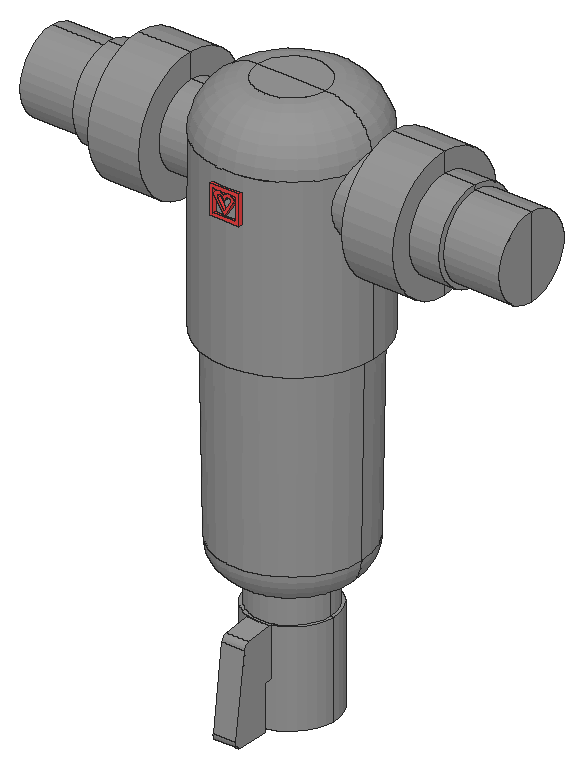
Revit family "HERZ Water Filter For Hot Water 0554", category Rohrzubehör, Revit 2019
Family settings
  Bemaßung runder Anschluss = Durchmesser verwenden
  Teiletyp = Unterbricht
  OmniClass-Nummer = 23.65.55.14
  OmniClass-Titel = Valves for Liquid Services
  Arbeitsebenenbasiert = Nein
  Immer vertikal = Ja
  Beim Laden mit Abzugskörper schneiden = Nein
  Gemeinsam genutzt = Nein
Parameters
  W02 = 88.00°  # constant formula
  W01 = 89.00°  # constant formula
  VRS01 = 10.000 mm  # constant formula
  SC_NennweiteBerechnet = 0
  SC_Dimension = ""
  SCTWSEQ = "FI;SBT_TYP_FI=\"FI\";2"
  SCTWCODE = "02;00;02"  # constant formula
  S01 [instance] = (L02 + VRL01 + VRL02) - (L01 / 2)  # 30.500 mm
  Model = "Filter for hot water with body made of brass and bowl of Trogamid."
  Medium = "Water"  # constant formula
  Max. operating temperature = 60 °C  # constant formula
  Max. operating pressure = 1600000.0 Pa  # constant formula
  Bowl = "plastic Trogamid"  # constant formula
  Note = "Pursuant to Article 33 of the REACH Regulation (EC No. 1907/2006), we are obliged to point out that the material lead is listed on the SVHC list and that all brass components manufactured in our products exceed 0.1% (w / w) lead (CAS: 7439-92-1 / EINECS: 231-100-4).\r\nSince lead is a component part of an alloy, actual exposure is not possible and therefore no additional information on safe use is necessary."
  GT [instance] = size_lookup("0554_", "GT", 1.000 mm, Nennweite)  # 17.500 mm
  VRL02 [instance] = size_lookup("0554_", "VRL2", 1.000 mm, Nennweite)  # 27.000 mm
  VRL01 [instance] = size_lookup("0554_", "VRL1", 1.000 mm, Nennweite)  # 16.000 mm
  VRD02 [instance] = size_lookup("0554_", "VRD2", 1.000 mm, Nennweite)  # 14.000 mm
  VRD01 [instance] = size_lookup("0554_", "VRD1", 1.000 mm, Nennweite)  # 20.000 mm
  URL = "www.herzvalves.com"
  T01 = 1.000 mm  # constant formula
  R02 = 8.000 mm  # constant formula
  R01 = 12.500 mm  # constant formula
  Nennweite [instance] = 25.000 mm
  Cartridge = "stainless steel, mesh size 100 μm"  # constant formula
  D02 = 22.750 mm  # constant formula
  L02 [instance] = size_lookup("0554_", "L2", 1.000 mm, Nennweite)  # 31.500 mm
  L01 [instance] = size_lookup("0554_", "L1", 1.000 mm, Nennweite)  # 88.000 mm
  Hersteller = "HERZ Armaturen Ges.m.b.H."  # constant formula
  H04 = 151.000 mm  # constant formula
  H03 = 67.500 mm  # constant formula
  H02 = 45.500 mm  # constant formula
  H01 = 24.000 mm  # constant formula
  Body = "brass, CW617N"  # constant formula
  Part number [instance] = if(Nennweite = 15.000 mm, "I055401", if(Nennweite = 20.000 mm, "I055402", if(Nennweite = 25.000 mm, "I055403", "0")))  # "I055403"
  Application = "The HERZ-Water filter is used in house entrance installations for potable water to protect the potable water against contamination.\r\nIn this way the proper functioning of the system is ensured.\r\nDue to its compact design, the filter can be installed wherever space is restricted."
  AG [instance] = Nennweite / 2  # 12.500 mm
  D01 = 25.500 mm  # constant formula
Reference planes
  plane 1 "Mitte (Vorne/hinten)": y = 0
  plane 2: z = 0
  plane 3 "Mitte (Links/rechts)": x = 0
Forms (mm)
  Revolve 1, solid, material "Messing, weicher Gelbton, geschweißt", detail levels fine
    sketch origin (0, 0, 0) x (1, 0, 0) y (0, 0, 1)
      loop
        line (-44, 0) -> (44, 0) -> (44, 12.5) -> (-44, 12.5) -> (-44, 0)
      axis (-44, 0) -> (44, 0)
    angle from 0 to 360
  Revolve 2, solid, material "Messing, weicher Gelbton, geschweißt", detail levels fine
    sketch origin (0, 0, 0) x (1, 0, 0) y (0, 0, 1)
      loop
        line (-31.5, 0) -> (-31.5, 20) -> (-47.5, 20) -> (-47.5, 14) -> (-57, 14) -> (-57, 12.5) -> (-74.5, 12.5) -> (-74.5, 0) -> (-31.5, 0)
      axis (-74.5, 0) -> (-31.5, 0)
    angle from 0 to 360
  Revolve 3, solid, material "Messing, weicher Gelbton, geschweißt", detail levels fine
    sketch origin (0, 0, 0) x (-1, 0, 0) y (0, 0, 1)
      loop
        line (-31.5, 0) -> (-31.5, 20) -> (-47.5, 20) -> (-47.5, 14) -> (-57, 14) -> (-57, 12.5) -> (-74.5, 12.5) -> (-74.5, 0) -> (-31.5, 0)
      axis (-74.5, 0) -> (-31.5, 0)
    angle from 0 to 360
  Revolve 4, solid, material "Messing, weicher Gelbton, geschweißt", detail levels fine
    sketch origin (0, 0, 0) x (1, 0, 0) y (0, 0, 1)
      loop
        line (0, -45.5) -> (0, 24) -> (-10.5, 24)
        arc (-10.5, 24) -> (-21.107, 19.607) -> (-25.5, 9) r 15
        line (-25.5, 9) -> (-25.5, -45.5) -> (0, -45.5)
      axis (0, 24) -> (0, -45.5)
    angle from 0 to 360
  Revolve 5, solid, material "ABS-Kunststoff", detail levels fine
    sketch origin (0, 0, 0) x (1, 0, 0) y (0, 0, 1)
      loop
        line (0, -45.5) -> (-22.75, -45.5) -> (-21.744, -103.156)
        arc (-21.744, -103.156) -> (-19.193, -109.695) -> (-13, -113) r 10.114
        line (-13, -113) -> (0, -113) -> (0, -45.5)
      axis (0, -45.5) -> (0, -113)
    angle from 0 to 360
  Revolve 6, solid, material "Aluminium 3003-H16", detail levels fine
    sketch origin (0, 0, 0) x (1, 0, 0) y (0, 0, 1)
      loop
        line (-13.007, -151) -> (0, -151) -> (0, -113) -> (-12.007, -113) -> (-12.007, -122) -> (-13.007, -122) -> (-13.007, -151)
      axis (0, -113) -> (0, -151)
    angle from 0 to 360
  Extrusion 7, solid, material "Acetalharz, Schwarz", detail levels fine
    sketch origin (0, 0, 0) x (0, 1, 0) y (0, 0, 1)
      loop
        line (-15.045, -151) -> (-15.045, -137.8)
        arc (-15.045, -137.8) -> (-14.81, -137.234) -> (-14.245, -137) r 0.8
        line (-14.245, -137) -> (0, -137) -> (0, -122) -> (-12.995, -122) -> (-20.95, -122.837)
        arc (-20.95, -122.837) -> (-22.128, -123.386) -> (-22.72, -124.543) r 2
        line (-22.72, -124.543) -> (-26.174, -148.717)
        arc (-26.174, -148.717) -> (-25.705, -150.31) -> (-24.194, -151) r 2
        line (-24.194, -151) -> (-15.045, -151)
    from 3.5 to -3.5
Lines and regions (mm)
  model lines, detail levels coarse+medium
    curve 1: line (-44, 0, 24) -> (-44, 0, -24)
    curve 2: line (-44, 0, -24) -> (44, 0, -24)
    curve 3: line (44, 0, -24) -> (44, 0, 24)
    curve 4: line (44, 0, 24) -> (-44, 0, 24)
    curve 5: line (44, 0, 24) -> (12.5, 0, 0)
    curve 6: line (12.5, 0, 0) -> (44, 0, -24)
    curve 7: line (44, 0, 24) -> (54, 0, 24)
    curve 8: line (54, 0, 24) -> (44, 0, 0)
    curve 9: line (44, 0, -24) -> (54, 0, -24)
    curve 10: line (54, 0, -24) -> (44, 0, 0)
    curve 11: line (44, 0, 0) -> (74.5, 0, 0)
    curve 12: line (-44, 0, 24) -> (-54, 0, 24)
    curve 13: line (-54, 0, 24) -> (-44, 0, 0)
    curve 14: line (-44, 0, -24) -> (-54, 0, -24)
    curve 15: line (-54, 0, -24) -> (-44, 0, 0)
    curve 16: line (-44, 0, 0) -> (-74.5, 0, 0)
    curve 17: line (-44, -24, 0) -> (44, -24, 0)
    curve 18: line (-44, 24, 0) -> (-44, -24, 0)
    curve 19: line (44, 24, 0) -> (-44, 24, 0)
    curve 20: line (44, -24, 0) -> (44, 24, 0)
    curve 21: line (44, 24, 0) -> (8.232, 0, 0)
    curve 22: line (8.232, 0, 0) -> (44, -24, 0)
    curve 23: line (44, 24, 0) -> (54, 24, 0)
    curve 24: line (54, 24, 0) -> (44, 0, 0)
    curve 25: line (44, -24, 0) -> (54, -24, 0)
    curve 26: line (54, -24, 0) -> (44, 0, 0)
    curve 27: line (-44, 24, 0) -> (-54, 24, 0)
    curve 28: line (-54, 24, 0) -> (-44, 0, 0)
    curve 29: line (-44, -24, 0) -> (-54, -24, 0)
    curve 30: line (-54, -24, 0) -> (-44, 0, 0)
Dimensions and locks
  "L01": Revolve 1 sketch curve to Revolve 1 sketch curve
  equal spacing: Revolve 1 sketch curve, plane 3 "Mitte (Links/rechts)", Revolve 1 sketch curve
  "R01": Revolve 1 sketch curve to plane 2
  "L02": plane 3 "Mitte (Links/rechts)" to Revolve 2 sketch curve
  "VRL01": Revolve 2 sketch curve to Revolve 2 sketch curve
  "VRL02": Revolve 2 sketch curve to Revolve 2 sketch curve
  "GT": Revolve 2 sketch curve to Revolve 2 sketch curve
  "VRD01": Revolve 2 sketch curve to Revolve 2 sketch curve
  "VRD02": Revolve 2 sketch curve to Revolve 2 sketch curve
  "AG": Revolve 2 sketch curve to Revolve 2 sketch curve
  "VRL01": Revolve 3 sketch curve to Revolve 3 sketch curve
  "VRL02": Revolve 3 sketch curve to Revolve 3 sketch curve
  "GT": Revolve 3 sketch curve to Revolve 3 sketch curve
  "VRD01": Revolve 3 sketch curve to Revolve 3 sketch curve
  "VRD02": Revolve 3 sketch curve to Revolve 3 sketch curve
  "AG": Revolve 3 sketch curve to Revolve 3 sketch curve
  "L02": Revolve 3 sketch curve to plane 3 "Mitte (Links/rechts)"
  "H01": Revolve 4 sketch curve to plane 2
  "D01": Revolve 4 sketch curve to Revolve 4 sketch curve
  "H02": plane 2 to Revolve 4 sketch curve
  "D02": Revolve 5 sketch curve to Revolve 5 sketch curve
  "H02": plane 2 to Revolve 5 sketch curve
  "H03": Revolve 5 sketch curve to Revolve 5 sketch curve
  "H04": plane 2 to Revolve 6 sketch curve
  "D01": nested 1 to plane 1 "Mitte (Vorne/hinten)"
  equal spacing: curve 1, plane 3 "Mitte (Links/rechts)", curve 3
  "H01": curve 4 to level to curve 2
  "L01": curve 1 to curve 3
  "L02": curve 3 to curve 6
  "VRS01": curve 8 to curve 3
  "VRS01": curve 10 to curve 3
  "S01": curve 11 to curve 3
  "VRS01": curve 13 to curve 1
  "VRS01": curve 15 to curve 1
  "S01": curve 16 to Revolve 1
  "L01": curve 18 to curve 20
  equal spacing: curve 18, plane 3 "Mitte (Links/rechts)", curve 20
  "H01": curve 19 to plane 1 "Mitte (Vorne/hinten)" to curve 17
  "VRS01": curve 20 to curve 24
  "VRS01": curve 20 to curve 26
  "VRS01": curve 28 to curve 18
  "VRS01": curve 30 to curve 18
  "W01": angle Revolve 5 sketch curve to Revolve 4
  aligned and locked: level to plane 2
Automatic sketch dimensions
  Extrusion 7 sketch curve to plane 1 "Mitte (Vorne/hinten)" = 0.000 mm
  plane 1 "Mitte (Vorne/hinten)" to Extrusion 7 sketch curve = 12.995 mm
  plane 1 "Mitte (Vorne/hinten)" to Extrusion 7 sketch curve = 14.245 mm
  Extrusion 7 sketch curve to Extrusion 7 sketch curve = 0.800 mm
  Extrusion 7 sketch curve to Extrusion 7 sketch curve = 7.746 mm
  Extrusion 7 sketch curve to Extrusion 7 sketch curve = 0.209 mm
  Extrusion 7 sketch curve to Extrusion 7 sketch curve = 1.980 mm  (x2)
  Extrusion 7 sketch curve to Extrusion 7 sketch curve = 9.149 mm
  Extrusion 7 sketch curve to level = 151.000 mm
  Extrusion 7 sketch curve to Extrusion 7 sketch curve = 2.000 mm
  Extrusion 7 sketch curve to Extrusion 7 sketch curve = 13.200 mm
  Extrusion 7 sketch curve to Extrusion 7 sketch curve = 12.174 mm
  Extrusion 7 sketch curve to Extrusion 7 sketch curve = 0.283 mm
  Extrusion 7 sketch curve to Extrusion 7 sketch curve = 15.000 mm
  curve 15 to level = 0.000 mm
  curve 11 to level = 0.000 mm
  curve 8 to level = 0.000 mm
  curve 5 to level = 0.000 mm
  plane 1 "Mitte (Vorne/hinten)" to curve 22 = 0.000 mm
  plane 1 "Mitte (Vorne/hinten)" to curve 28 = 0.000 mm
  plane 1 "Mitte (Vorne/hinten)" to curve 24 = 0.000 mm
  plane 1 "Mitte (Vorne/hinten)" to curve 26 = 0.000 mm
  plane 3 "Mitte (Links/rechts)" to curve 22 = 8.232 mm
  Revolve 1 sketch curve to level = 0.000 mm  (x2)
  Revolve 1 sketch curve to Revolve 1 sketch curve = 1474.830 mm
  Revolve 1 sketch curve to Revolve 1 sketch curve = 1807.448 mm
  Revolve 2 sketch curve to level = 0.000 mm  (x2)
  Revolve 2 sketch curve to Revolve 2 sketch curve = 1440.530 mm
  plane 3 "Mitte (Links/rechts)" to Revolve 2 sketch curve = 1839.148 mm
  Revolve 3 sketch curve to level = 0.000 mm  (x2)
  Revolve 3 sketch curve to Revolve 3 sketch curve = 1440.530 mm
  plane 3 "Mitte (Links/rechts)" to Revolve 3 sketch curve = 1839.148 mm
  Revolve 4 sketch curve to plane 3 "Mitte (Links/rechts)" = 0.000 mm  (x2)
  level to Revolve 4 sketch curve = 9.000 mm
  Revolve 4 sketch curve to Revolve 4 sketch curve = 320.545 mm
  Revolve 4 sketch curve to Revolve 4 sketch curve = 2190.315 mm
  Revolve 5 sketch curve to plane 3 "Mitte (Links/rechts)" = 0.000 mm  (x2)
  Revolve 5 sketch curve to plane 3 "Mitte (Links/rechts)" = 21.744 mm
  Revolve 5 sketch curve to Revolve 5 sketch curve = 13.000 mm
  Revolve 5 sketch curve to Revolve 5 sketch curve = 10.112 mm
  Revolve 5 sketch curve to Revolve 5 sketch curve = 255.045 mm
  level to Revolve 5 sketch curve = 2214.315 mm
  Revolve 6 sketch curve to plane 3 "Mitte (Links/rechts)" = 0.000 mm  (x2)
  Revolve 6 sketch curve to plane 3 "Mitte (Links/rechts)" = 12.007 mm
  Revolve 6 sketch curve to plane 3 "Mitte (Links/rechts)" = 13.007 mm
  Revolve 6 sketch curve to Revolve 6 sketch curve = 29.000 mm
  Revolve 6 sketch curve to Revolve 6 sketch curve = 9.000 mm
  Revolve 6 sketch curve to Revolve 6 sketch curve = 192.045 mm
  level to Revolve 6 sketch curve = 2214.315 mm
Nested families
  nested 1: "Herz-Logo-vorne" at (0, -25.5, 0) x (0, 1, 0) z (0, 0, 1), type "Herz-Logo-vorne", detail levels fine
Connectors
  piping at (-74.5, 0, 0), diameter 25, driven by "Nennweite"
    settings: on Revolve 2, index 1, connector inside diameter 609.6 mm, connector length 0.000 mm, flow factor 0, pipe flow 0.0 L/s, pressure drop 0.0 Pa, fitting loss kfactor 0, connector angle 0.00°, fixture units 0, engagement length 0.000 mm, angle of deflection 0.00°, flow configuration 0, flow direction 1, fitting loss method 0, system type 19, joint type 0, gender type 0, connector reference index -1, connector utility 0, adjustable connector no, is connector primary yes, connector description ""
  piping at (74.5, 0, 0), diameter 25, driven by "Nennweite"
    settings: on Revolve 3, index 2, connector inside diameter 609.6 mm, connector length 0.000 mm, flow factor 0, pipe flow 0.0 L/s, pressure drop 0.0 Pa, fitting loss kfactor 0, connector angle 0.00°, fixture units 0, engagement length 0.000 mm, angle of deflection 0.00°, flow configuration 0, flow direction 2, fitting loss method 0, system type 19, joint type 0, gender type 0, connector reference index -1, connector utility 0, adjustable connector no, is connector primary no, connector description ""
Definition of nested family "Herz-Logo-vorne"
  Reference planes
    plane 1 "Mitte (Vorne/hinten)": y = 0
    plane 2: z = 0
    plane 3 "Mitte (Links/rechts)": x = 0
  Forms (mm)
    Extrusion 1, solid
      sketch origin (0.732, -0.018, 0.017) x (0, -1, 0) y (0, 0, 1)
        loop
          line (-0.018, -4.517) -> (4.482, -4.517) -> (4.482, 4.483) -> (-4.518, 4.483) -> (-4.518, -4.517) -> (-0.018, -4.517)
        loop
          line (-0.05, -3.48) -> (3.482, -3.48) -> (3.482, 3.483) -> (-3.518, 3.483) -> (-3.518, -3.48) -> (-0.05, -3.48)
        loop
          arc (-0.018, 2.383) -> (-1.543, 3.287) -> (-3.067, 2.383) r 1.738
          arc (-3.067, 2.383) -> (-3.191, 1.899) -> (-3.067, 1.415) r 1.009
          line (-3.067, 1.415) -> (-0.018, -3.281) -> (3.032, 1.415)
          arc (3.032, 1.415) -> (3.156, 1.899) -> (3.032, 2.383) r 1.009
          arc (3.032, 2.383) -> (1.507, 3.287) -> (-0.018, 2.383) r 1.738
        loop
          arc (1.885, 1.272) -> (2.005, 1.675) -> (1.885, 2.079) r 0.74
          arc (1.885, 2.079) -> (1.265, 2.416) -> (0.644, 2.079) r 0.74
          line (0.644, 2.079) -> (-0.018, 0.97) -> (-0.679, 2.079)
          arc (-0.679, 2.079) -> (-1.3, 2.416) -> (-1.921, 2.079) r 0.74
          arc (-1.921, 2.079) -> (-2.04, 1.675) -> (-1.921, 1.272) r 0.74
          line (-1.921, 1.272) -> (-0.018, -1.658) -> (1.885, 1.272)
      from 0 to 1.5
  Dimensions and locks
    aligned and locked: level to plane 2
